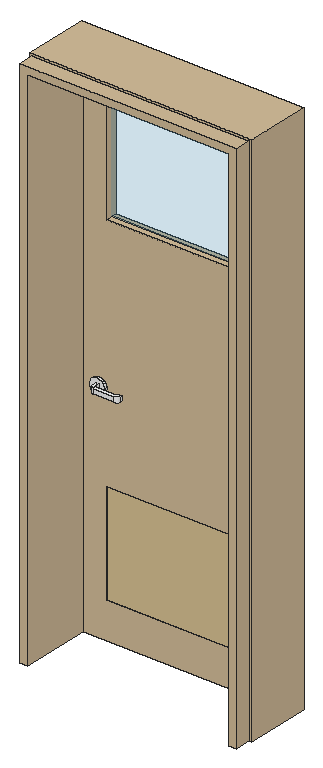
Revit family "Dor_木製-片開き戸", category ドア, Revit 2020
Family settings
  ホスト = 壁
  常に垂直 = はい
  ロード時にボイドで切り取り = はい
  共有 = いいえ
  部屋計算ポイント = いいえ
Parameters (values of type "木製-片開き戸")
  開口逃げ位置表示 [instance] = no
  金物_施錠方式(外) = ""
  金物_施錠方式(内) = ""
  金物_支持金物 = ""
  金物_操作金物 = ""
  金物_戸当り = ""
  金物_固定金物 = ""
  金物_フランス落し = ""
  金物_クローザー = ""
  逃げ_左 = 60 mm
  逃げ_右 = 60 mm
  解析用性能 = "<なし>"
  符号_建具記号 = ""
  符号_建具番号 = ""
  法_随時閉鎖 = yes
  法_防火性能 = ""
  法_遮煙 = yes
  法_常時閉鎖 = yes
  文字_ガラス厚 = ""
  建枠下延長 [instance] = 0 mm
  次による断熱プロパティの定義 = スキーマティック タイプ
  枠見付内_F01 = 30 mm
  ラベル_遮煙 = if(法_遮煙, "S", " ")  # "S"
  ラベル_法囲み = if(法_常時閉鎖, "□", if(法_随時閉鎖, "〇", " "))  # "□"
  ドアパネルタイプ = DP_腰窓+ガラリ : 腰窓+ガラリ
  スリット/小窓位置：戸先 [instance] = yes
  ガラス厚 = 6 mm
  オフセット_外側 [instance] = 50 mm
  オフセット_内側 [instance] = 50 mm
  calc_枠見込内 [instance] = if(and(枠ちり内 = 0 mm, オフセット_内側 = 0 mm), 1 mm, 0 mm)  # 0 mm
  calc_枠見付内 = if(枠タイプ = 1, 枠見付内_F01, if(枠タイプ = 2, 枠見付 + 戸当見付, if(枠タイプ = 3, 枠見付 + 戸当見付, 枠見付)))  # 30 mm
  文字_額縁材質 = ""
  文字_額縁仕上 = ""
  文字_沓摺材質 = ""
  文字_沓摺仕上 = ""
  文字_枠材質 = ""
  文字_枠仕上 = ""
  文字_建具材質 = ""
  文字_建具仕上 = ""
  文字_取付場所 = ""
  文字_備考 = ""
  文字_パネル厚 = ""
  文字_ガラリ材質 = ""
  文字_ガラリ仕上 = ""
  文字_ガラス材質 = ""
  文字_アンダーカット = ""
  性能_遮音 = ""
  性能_気密 = ""
  形状_沓摺形状 = ""
  形状_枠形状 = ""
  形状_建具形式 = ""
  形状_ガラリ形状 = ""
  仕上げ厚 [instance] = 0 mm
  calc_壁芯ずれ [instance] = オフセット_外側 / 2 + オフセット_内側 / 2 + LOCK  # 50 mm
  calc_仕上げ厚 [instance] = if(and(オフセット_内側 = 0 mm, 仕上げ厚 = 0 mm), 11 mm, 仕上げ厚)  # 0 mm
  マテリアル_沓摺 = none
  マテリアル_枠 = 木目 - ナチュラル
  マテリアル_パネル = 木目 - ナチュラル
  マテリアル_ガラリ = TD_ガラリ_簡易表示(木製)
  マテリアル_ガラス = ガラス、透明ガラス
  パネル幅2 = 0 mm  # constant formula
  パネル幅1 = 幅 + 戸当見付 * 2  # 830 mm
  calc_パネル中心位置 = パネル厚 / 2 + LOCK  # 22.5 mm
  ハンドル表示 [instance] = yes
  Keynote = ""
  W寸法 = 800 mm
  LOCK = 0 mm  # constant formula
  H寸法 = 2100 mm
  F02_片ひばた2 = 枠タイプ = 2  # no
  Function = (empty or 0)
  Description = ""
  枠タイプ = 1
  Rough Width = 0 mm
  高さ = H寸法 + LOCK  # 2100 mm
  枠見付 = 25 mm
  枠ちり外 = 10 mm
  枠ちり内 = 10 mm
  ハンドル_高さ = 900 mm
  ハンドル_オフセット = 80 mm
  戸当見込 = 50 mm
  戸当見付 = 15 mm
  Construction Type = ""
  Wall Closure = (empty or 0)
  幅 = W寸法 + LOCK  # 800 mm
  Rough Height = 0 mm
  パネル高 = 高さ + 戸当見付 - アンダーカット  # 2110 mm
  パネル幅 = パネル幅1 + LOCK  # 830 mm
  パネル厚 = 45 mm
  アンダーカット = 5 mm
  F01_片ひばた1 = 枠タイプ = 1  # yes
  F03_両ひばた = 枠タイプ = 3  # no
Reference planes
  plane 1: y = 0
  plane 2 "中心(左/右)": x = 0
  plane 3 "EXT.": y = 100
  plane 4 "内壁": y = -100
  plane 5 "左": x = -400
  plane 6 "右": x = 400
  plane 7 "上側": z = 2100
  plane 8: z = 0
  plane 9 "枠ちり外": y = 160
  plane 10 "左扉位置": x = -415
  plane 11 "枠外側左": x = -440
  plane 12 "枠内側左": x = -430
  plane 13 "仕上げ厚": y = -100
  plane 14 "右扉位置": x = 415
  plane 15 "枠外側右": x = 440
  plane 16 "枠内側右": x = 430
  plane 17: z = 2115
  plane 18 "枠見付_上": z = 2140
  plane 19 "枠見付内_上": z = 2130
  plane 20 "戸当り外側": y = 115
  plane 21 "戸当り内側": y = 65
  plane 22: x = -430
  plane 23: x = 430
  plane 24: z = 5
  plane 25 "オフセット": y = -150
  plane 26 "枠ちり内": y = -160
  plane 27 "パネル中心": y = 137.5
  plane 28: y = 90
  plane 29: y = -140
  plane 30: z = 2130
  plane 31: y = 90
  plane 32 "パネル厚中心": y = 137.5
  plane 33 "壁芯": y = -50
  plane 34: z = 900
  plane 35: x = -335
  plane 36 "建枠下延長": z = 0
  plane 37 "枠見込み内": y = -100
  plane 38 "オフセット_外側": y = 150
  plane 39 "マスク位置": z = 500
  plane 40: y = 155
Forms (mm)
  Extrusion 1, void
    sketch origin (0, 0, 0) x (1, 0, 0) y (0, 1, 0)
      loop
        line (-430, -150) -> (430, -150) -> (430, -100) -> (-430, -100) -> (-430, -150)
    from 0 to 2130
  Extrusion 2, void
    sketch origin (0, 0, 0) x (1, 0, 0) y (0, 1, 0)
      loop
        line (-440, 150) -> (-440, -100) -> (440, -100) -> (440, 150) -> (-440, 150)
    from 0 to 2140
  Sweep 3, solid, material "木目 - ナチュラル" <- "マテリアル_枠", visible <- "F01_片ひばた1", detail levels medium+fine
    path origin (0, 100, 0) x (1, 0, 0) y (0, 0, 1)
      loop
        line (400, 0) -> (400, 2100) -> (-400, 2100) -> (-400, 0)
    profile origin (400, 100, 1050) x (-1, 0, 0) y (0, -1, 0)
      loop
        line (-40, -60) -> (-15, -60) -> (-15, -15) -> (0, -15) -> (0, 260) -> (-30, 260) -> (-30, 200) -> (-40, 200) -> (-40, -60)
  Sweep 4, solid, material "木目 - ナチュラル" <- "マテリアル_枠", visible <- "F02_片ひばた2"
    path origin (0, 100, 0) x (1, 0, 0) y (0, 0, 1)
      loop
        line (400, 0) -> (400, 2100) -> (-400, 2100) -> (-400, 0)
    profile origin (400, 100, 1050) x (-1, 0, 0) y (0, -1, 0)
      loop
        line (-40, -60) -> (-15, -60) -> (-15, -15) -> (0, -15) -> (0, 260) -> (-40, 260) -> (-40, -60)
  Sweep 5, solid, material "木目 - ナチュラル" <- "マテリアル_枠", visible <- "F03_両ひばた"
    path origin (0, 100, 0) x (1, 0, 0) y (0, 0, 1)
      loop
        line (400, 0) -> (400, 2100) -> (-400, 2100) -> (-400, 0)
    profile origin (400, 100, 1050) x (-1, 0, 0) y (0, -1, 0)
      loop
        line (-40, -60) -> (-15, -60) -> (-15, -15) -> (0, -15) -> (0, 35) -> (-15, 35) -> (-15, 260) -> (-40, 260) -> (-40, -60)
Lines and regions (mm)
  Masking region 1
    outline origin (0, 0, 0) x (0, 1, 0) y (0, 0, 1)
      loop
        line (160, 2115) -> (115, 2115) -> (115, 5) -> (160, 5) -> (160, 2115)
  Masking region 2, visible <- "F02_片ひばた2"
    outline origin (0, 0, 0) x (0, 1, 0) y (0, 0, 1)
      loop
        line (90, 2130) -> (-140, 2130) -> (-160, 2130) -> (-160, 2100) -> (115, 2100) -> (115, 2115) -> (160, 2115) -> (160, 2130) -> (90, 2130)
  Masking region 3, visible <- "F01_片ひばた1"
    outline origin (0, 0, 0) x (0, 1, 0) y (0, 0, 1)
      loop
        line (90, 2140) -> (-100, 2140) -> (-100, 2130) -> (-140, 2130) -> (-160, 2130) -> (-160, 2100) -> (115, 2100) -> (115, 2115) -> (160, 2115) -> (160, 2140) -> (90, 2140)
  Masking region 4, visible <- "F03_両ひばた"
    outline origin (0, 0, 0) x (0, 1, 0) y (0, 0, 1)
      loop
        line (90, 2130) -> (-140, 2130) -> (-160, 2130) -> (-160, 2115) -> (65, 2115) -> (65, 2100) -> (115, 2100) -> (115, 2115) -> (160, 2115) -> (160, 2130) -> (90, 2130)
  Masking region 5, visible <- "F01_片ひばた1", detail levels medium+fine
    outline origin (0, 0, 0) x (1, 0, 0) y (0, 1, 0)
      loop
        line (-440, -100) -> (-430, -100) -> (-430, -160) -> (-400, -160) -> (-400, 115) -> (-415, 115) -> (-415, 160) -> (-440, 160) -> (-440, -100)
      loop
        line (440, -100) -> (440, 160) -> (415, 160) -> (415, 115) -> (400, 115) -> (400, -160) -> (430, -160) -> (430, -100) -> (440, -100)
  Masking region 6, visible <- "F02_片ひばた2", detail levels medium+fine
    outline origin (0, 0, 0) x (1, 0, 0) y (0, 1, 0)
      loop
        line (-430, 160) -> (-430, -160) -> (-400, -160) -> (-400, 115) -> (-415, 115) -> (-415, 160) -> (-430, 160)
      loop
        line (440, 160) -> (415, 160) -> (415, 115) -> (400, 115) -> (400, -160) -> (440, -160) -> (440, 160)
  Masking region 7, detail levels coarse
    outline origin (0, 0, 0) x (1, 0, 0) y (0, 1, 0)
      loop
        line (-400, -155) -> (400, -155) -> (400, -150) -> (400, 150) -> (400, 155) -> (-400, 155) -> (-400, 150) -> (-400, -150) -> (-400, -155)
  Masking region 8, detail levels coarse
    outline origin (0, 0, 0) x (1, 0, 0) y (0, 1, 0)
      loop
        line (-445, 150) -> (-445, -150) -> (-400, -150) -> (-400, 150) -> (-445, 150)
      loop
        line (445, 150) -> (400, 150) -> (400, -150) -> (445, -150) -> (445, 150)
  Masking region 9, visible <- "F03_両ひばた", detail levels medium+fine
    outline origin (0, 0, 0) x (1, 0, 0) y (0, 1, 0)
      loop
        line (-440, 160) -> (-440, -160) -> (-415, -160) -> (-415, 65) -> (-400, 65) -> (-400, 115) -> (-415, 115) -> (-415, 160) -> (-440, 160)
      loop
        line (440, 160) -> (415, 160) -> (415, 115) -> (400, 115) -> (400, 65) -> (415, 65) -> (415, -160) -> (440, -160) -> (440, 160)
  symbolic lines
    curve 1: line (0, 210, 0) -> (0, -210, 0)
Text (mm)
  text "EXT." at (-2295.016, 1099.543, 0), in view "基準レベル"
  text "外部" at (0, 1615.38, 3698.081), in view "左"
  text "外部" at (0, 1036.032, 3874.932), in view "右"
  text "内部" at (0, -1175.082, 3874.932), in view "右"
  text "内部" at (-2295.016, -1087.353, 0), in view "基準レベル"
Dimensions and locks
  equal spacing: plane 5 "左", plane 2 "中心(左/右)", plane 6 "右"
  locked: plane 3 "EXT." to host wall
  locked: plane 4 "内壁" to host wall
  "W寸法": plane 5 "左" to plane 6 "右"
  "H寸法": plane 8 to plane 7 "上側"
  "戸当見付": plane 10 "左扉位置" to plane 5 "左"
  "calc_枠見付内": plane 12 "枠内側左" to plane 5 "左"
  "枠見付": plane 11 "枠外側左" to plane 10 "左扉位置"
  "calc_仕上げ厚": plane 13 "仕上げ厚" to plane 4 "内壁"
  "枠見付": plane 15 "枠外側右" to plane 14 "右扉位置"
  "戸当見付": plane 7 "上側" to plane 17
  "枠見付": plane 17 to plane 18 "枠見付_上"
  "calc_枠見付内": plane 7 "上側" to plane 19 "枠見付内_上"
  "パネル厚": plane 9 "枠ちり外" to plane 20 "戸当り外側"
  "戸当見込": plane 20 "戸当り外側" to plane 21 "戸当り内側"
  "戸当見付": plane 6 "右" to plane 14 "右扉位置"
  "calc_枠見付内": plane 6 "右" to plane 16 "枠内側右"
  "枠見付内_F01": plane 22 to plane 5 "左"
  "枠見付内_F01": plane 6 "右" to plane 23
  "枠ちり内": plane 25 "オフセット" to plane 26 "枠ちり内"
  "オフセット_内側": plane 25 "オフセット" to plane 4 "内壁"
  "アンダーカット": plane 24 to plane 8
  locked: plane 3 "EXT." to Masking region 2 sketch curve at 10
  locked: Masking region 2 sketch curve to plane 25 "オフセット" at 10
  equal spacing: plane 9 "枠ちり外", plane 27 "パネル中心", plane 20 "戸当り外側"
  locked: plane 3 "EXT." to plane 28 at 10
  locked: plane 29 to plane 25 "オフセット" at 10
  "枠見付内_F01": plane 7 "上側" to plane 30
  locked: curve 1 to plane 9 "枠ちり外" at 50
  locked: plane 26 "枠ちり内" to curve 1 at 50
  plane 4 "内壁" to plane 3 "EXT." = 200 mm
  locked: plane 31 to plane 3 "EXT." at 10
  "calc_パネル中心位置": plane 9 "枠ちり外" to plane 32 "パネル厚中心"
  "calc_壁芯ずれ": plane 33 "壁芯" to plane 1
  "ハンドル_高さ": plane 34 to level
  "ハンドル_オフセット": plane 35 to plane 10 "左扉位置"
  "建枠下延長": plane 8 to plane 36 "建枠下延長"
  locked: plane 15 "枠外側右" to Masking region 8 sketch curve at 5
  locked: Masking region 8 sketch curve to plane 11 "枠外側左" at 5
  "calc_枠見込内": plane 37 "枠見込み内" to plane 13 "仕上げ厚"
  "枠ちり外": plane 9 "枠ちり外" to plane 38 "オフセット_外側"
  "オフセット_外側": plane 3 "EXT." to plane 38 "オフセット_外側"
  locked: level to plane 39 "マスク位置" at 500
  locked: plane 40 to plane 38 "オフセット_外側" at 5
  aligned and locked: plane 1 to host wall
  aligned and locked: level to plane 8
  aligned and locked: plane 13 "仕上げ厚" to Extrusion 1 sketch curve
  aligned and locked: plane 11 "枠外側左" to Extrusion 2 sketch curve
  aligned and locked: plane 13 "仕上げ厚" to Extrusion 2 sketch curve
  aligned and locked: plane 15 "枠外側右" to Extrusion 2 sketch curve
  aligned and locked: plane 18 "枠見付_上" to Extrusion 2
  aligned and locked: plane 7 "上側" to Sweep 3 sketch curve
  aligned and locked: plane 6 "右" to Sweep 3 sketch curve  (x2)
  aligned and locked: Sweep 3 sketch curve to plane 5 "左"
  aligned and locked: Sweep 3 sketch curve to plane 13 "仕上げ厚"
  aligned and locked: plane 9 "枠ちり外" to Sweep 3 sketch curve
  aligned and locked: plane 20 "戸当り外側" to Sweep 3 sketch curve
  aligned and locked: plane 14 "右扉位置" to Sweep 3 sketch curve
  aligned and locked: Sweep 3 sketch curve to plane 15 "枠外側右"
  aligned and locked: plane 15 "枠外側右" to Sweep 4 sketch curve
  aligned and locked: plane 14 "右扉位置" to Sweep 5 sketch curve  (x2)
  aligned and locked: Sweep 5 sketch curve to plane 21 "戸当り内側"
  aligned and locked: plane 23 to Sweep 3 sketch curve
  aligned and locked: Sweep 3 sketch curve to plane 26 "枠ちり内"
  aligned and locked: Sweep 4 sketch curve to plane 26 "枠ちり内"
  aligned and locked: plane 20 "戸当り外側" to Sweep 4 sketch curve
  aligned and locked: Sweep 5 sketch curve to plane 26 "枠ちり内"
  aligned and locked: Extrusion 1 to plane 25 "オフセット"
  aligned and locked: plane 19 "枠見付内_上" to Extrusion 1
  aligned and locked: Sweep 4 to Masking region 1 sketch curve
  aligned and locked: plane 9 "枠ちり外" to Masking region 2 sketch curve
  aligned and locked: plane 19 "枠見付内_上" to Masking region 2 sketch curve  (x3)
  aligned and locked: Masking region 2 sketch curve to plane 26 "枠ちり内"
  aligned and locked: plane 7 "上側" to Masking region 2 sketch curve
  aligned and locked: plane 20 "戸当り外側" to Masking region 2 sketch curve
  aligned and locked: Masking region 2 sketch curve to plane 17
  aligned and locked: plane 20 "戸当り外側" to Masking region 3 sketch curve
  aligned and locked: Masking region 3 sketch curve to plane 26 "枠ちり内"
  aligned and locked: plane 7 "上側" to Masking region 3 sketch curve
  aligned and locked: Masking region 3 sketch curve to plane 17
  aligned and locked: plane 18 "枠見付_上" to Masking region 3 sketch curve  (x2)
  aligned and locked: Masking region 3 sketch curve to plane 30  (x2)
  aligned and locked: plane 30 to Masking region 3 sketch curve
  aligned and locked: plane 19 "枠見付内_上" to Masking region 4 sketch curve  (x3)
  aligned and locked: Masking region 4 sketch curve to plane 26 "枠ちり内"
  aligned and locked: plane 9 "枠ちり外" to Masking region 4 sketch curve
  aligned and locked: Masking region 4 sketch curve to plane 17  (x2)
  aligned and locked: plane 7 "上側" to Masking region 4 sketch curve
  aligned and locked: plane 20 "戸当り外側" to Masking region 4 sketch curve
  aligned and locked: Masking region 4 sketch curve to plane 21 "戸当り内側"
  aligned and locked: plane 2 "中心(左/右)" to nested 1
  aligned and locked: Masking region 5 sketch curve to plane 9 "枠ちり外"
  aligned and locked: Masking region 5 sketch curve to plane 20 "戸当り外側"
  aligned and locked: plane 26 "枠ちり内" to Masking region 5 sketch curve
  aligned and locked: plane 11 "枠外側左" to Masking region 5 sketch curve
  aligned and locked: plane 5 "左" to Masking region 5 sketch curve
  aligned and locked: Masking region 5 sketch curve to nested 1
  aligned and locked: plane 6 "右" to Masking region 5 sketch curve
  aligned and locked: Masking region 5 sketch curve to plane 15 "枠外側右"
  aligned and locked: plane 14 "右扉位置" to Masking region 5 sketch curve
  aligned and locked: Masking region 5 sketch curve to plane 22
  aligned and locked: plane 23 to Masking region 5 sketch curve
  aligned and locked: plane 12 "枠内側左" to Masking region 6 sketch curve
  aligned and locked: plane 5 "左" to Masking region 7 sketch curve
  aligned and locked: Masking region 7 sketch curve to plane 6 "右"
  aligned and locked: Masking region 7 to Masking region 8 sketch curve
  aligned and locked: plane 6 "右" to Masking region 8 sketch curve
  aligned and locked: plane 25 "オフセット" to Masking region 8 sketch curve
  aligned and locked: Masking region 8 sketch curve to plane 25 "オフセット"
  aligned and locked: plane 25 "オフセット" to Masking region 7 sketch curve  (x2)
  aligned and locked: nested 1 to Masking region 9 sketch curve
  aligned and locked: plane 14 "右扉位置" to Masking region 9 sketch curve
  aligned and locked: plane 21 "戸当り内側" to Masking region 9 sketch curve  (x2)
  aligned and locked: Masking region 9 sketch curve to plane 21 "戸当り内側"  (x2)
  aligned and locked: plane 20 "戸当り外側" to Sweep 5 sketch curve
  aligned and locked: plane 9 "枠ちり外" to Sweep 5 sketch curve
  aligned and locked: plane 9 "枠ちり外" to Sweep 4 sketch curve
  aligned and locked: nested 2 to plane 33 "壁芯"
  aligned and locked: plane 2 "中心(左/右)" to nested 2
  aligned and locked: plane 2 "中心(左/右)" to nested 3
  aligned and locked: plane 32 "パネル厚中心" to nested 3
  aligned and locked: plane 27 "パネル中心" to nested 1
  aligned and locked: plane 2 "中心(左/右)" to nested 4
  aligned and locked: nested 4 to plane 8
  aligned and locked: plane 34 to nested 5
  aligned and locked: nested 5 to plane 35
  aligned and locked: nested 5 to plane 27 "パネル中心"
  aligned and locked: plane 36 "建枠下延長" to Sweep 4 sketch curve  (x2)
  aligned and locked: plane 36 "建枠下延長" to Sweep 3 sketch curve  (x2)
  aligned and locked: plane 36 "建枠下延長" to Sweep 5 sketch curve  (x2)
  aligned and locked: plane 9 "枠ちり外" to Masking region 6 sketch curve  (x2)
  aligned and locked: plane 9 "枠ちり外" to Masking region 9 sketch curve  (x2)
  aligned and locked: Extrusion 1 sketch curve to plane 12 "枠内側左"
  aligned and locked: Extrusion 1 sketch curve to plane 16 "枠内側右"
  aligned and locked: plane 37 "枠見込み内" to Masking region 5 sketch curve
  aligned and locked: Masking region 5 sketch curve to plane 37 "枠見込み内"
  aligned and locked: Extrusion 2 sketch curve to plane 38 "オフセット_外側"
  aligned and locked: Masking region 8 sketch curve to plane 38 "オフセット_外側"
  aligned and locked: plane 38 "オフセット_外側" to Masking region 8 sketch curve
  aligned and locked: plane 40 to Masking region 7 sketch curve
  aligned and locked: plane 38 "オフセット_外側" to Masking region 7 sketch curve  (x2)
  aligned and locked: plane 38 "オフセット_外側" to nested 1
Automatic sketch dimensions
  plane 5 "左" to Sweep 4 sketch curve = 0 mm
  plane 6 "右" to Sweep 4 sketch curve = 0 mm
  Sweep 4 sketch curve to plane 7 "上側" = 0 mm
  Sweep 4 sketch curve to profile plane = 0 mm
  profile plane to Sweep 4 sketch curve = 15 mm
  plane 5 "左" to Sweep 5 sketch curve = 0 mm
  plane 6 "右" to Sweep 5 sketch curve = 0 mm
  Sweep 5 sketch curve to plane 7 "上側" = 0 mm
  Sweep 5 sketch curve to profile plane = 0 mm
  profile plane to Sweep 5 sketch curve = 15 mm
  Sweep 5 sketch curve to Sweep 5 sketch curve = 25 mm
  Masking region 3 sketch curve to plane 29 = 0 mm
  Masking region 3 sketch curve to plane 13 "仕上げ厚" = 0 mm
  Masking region 3 sketch curve to plane 28 = 0 mm
  Masking region 3 sketch curve to plane 9 "枠ちり外" = 0 mm
  Masking region 4 sketch curve to plane 29 = 0 mm
  Masking region 4 sketch curve to plane 28 = 0 mm
  Masking region 6 sketch curve to plane 10 "左扉位置" = 0 mm
  Masking region 6 sketch curve to plane 5 "左" = 0 mm
  Masking region 6 sketch curve to plane 6 "右" = 0 mm
  Masking region 6 sketch curve to plane 14 "右扉位置" = 0 mm
  Masking region 6 sketch curve to plane 15 "枠外側右" = 0 mm
  Masking region 6 sketch curve to plane 26 "枠ちり内" = 0 mm  (x2)
  Masking region 6 sketch curve to plane 20 "戸当り外側" = 0 mm  (x2)
  Masking region 9 sketch curve to plane 10 "左扉位置" = 0 mm
  Masking region 9 sketch curve to plane 5 "左" = 0 mm
  Masking region 9 sketch curve to plane 6 "右" = 0 mm
  Masking region 9 sketch curve to plane 14 "右扉位置" = 0 mm
  Masking region 9 sketch curve to plane 26 "枠ちり内" = 0 mm  (x2)
  Masking region 9 sketch curve to plane 20 "戸当り外側" = 0 mm  (x2)
  curve 1 to plane 2 "中心(左/右)" = 0 mm
  Masking region 1 sketch curve to plane 17 = 0 mm
  Masking region 1 sketch curve to plane 20 "戸当り外側" = 0 mm
  Masking region 1 sketch curve to plane 24 = 0 mm
  Masking region 7 sketch curve to plane 25 "オフセット" = 5 mm
  Masking region 9 sketch curve to plane 11 "枠外側左" = 0 mm
  Masking region 9 sketch curve to plane 15 "枠外側右" = 0 mm
  Masking region 5 sketch curve to plane 26 "枠ちり内" = 0 mm
  Masking region 5 sketch curve to plane 20 "戸当り外側" = 0 mm
  Masking region 5 sketch curve to plane 9 "枠ちり外" = 0 mm
  Extrusion 1 sketch curve to plane 25 "オフセット" = 0 mm
Nested families
  nested 1: "平面_片開き戸" at (0, 160, 0), type "平面_片開き戸"
  nested 2: "平面_逃げ位置" at (0, -50, 0), visible <- "開口逃げ位置表示", 幅 <- "幅", 逃げ_右 <- "逃げ_右", 逃げ_左 <- "逃げ_左", type "平面_逃げ位置"
    with 逃げ_左 60 mm, 逃げ_右 60 mm, 幅 800 mm
  nested 3: "DP_腰窓+ガラリ" at (0, 137.5, 0) x (-1, 0, 0) z (0, 0, 1), マテリアル_パネル <- "マテリアル_パネル", 幅 <- "パネル幅1", 高さ <- "パネル高", Thickness <- "パネル厚", type <- "ドアパネルタイプ", アンダーカット <- "アンダーカット", マテリアル_ガラス <- "マテリアル_ガラス", マテリアル_ガラリ <- "マテリアル_ガラリ", スリット/小窓位置：戸先 <- "スリット/小窓位置：戸先", ガラス厚 <- "ガラス厚", type "腰窓+ガラリ"
    with 高さ 2110 mm, 幅 830 mm, built-in parameter 1001302 45 mm, マテリアル_パネル 木目 - ナチュラル, マテリアル_ガラリ TD_ガラリ_簡易表示(木製), マテリアル_ガラス ガラス、透明ガラス, スリット/小窓位置：戸先 yes, ガラス厚 6 mm, アンダーカット 5 mm, calc_窓W 610 mm, calc_窓H 415 mm
  nested 4: "立面_スイング_開き戸" at (0, -100, 0) x (1, 0, 0) z (0, -1, 0), パネル幅 <- "パネル幅1", パネル高 <- "パネル高", アンダーカット <- "アンダーカット", type "立面_スイング_開き戸"
    with パネル高 2110 mm, パネル幅 830 mm, アンダーカット 5 mm
  nested 5: "Ha_ハンドル" at (-335, 137.5, 900), visible <- "ハンドル表示", type "Ha_ハンドル"
    with パネル厚 45 mm
Definition of nested family "DP_腰窓+ガラリ"
  Parameters (values of type "腰窓+ガラリ")
    Height [instance] = 1995 mm
    Analytic Construction = "<なし>"
    窓位置_戸先 = 110 mm
    窓位置_戸尻 = 110 mm
    Define Thermal Properties by = 1
    Thickness [instance] = 40 mm
    窓腰高 = 1500 mm
    マテリアル_パネル [instance] = none
    マテリアル_ガラリ [instance] = none
    マテリアル_ガラス [instance] = none
    スリット/小窓位置：戸先 [instance] = yes
    ガラリ位置_下 = 150 mm
    窓位置_上 = 200 mm
    Width [instance] = 800 mm
    ガラリH = 400 mm
    ガラス厚 [instance] = 6 mm
    アンダーカット [instance] = 5 mm
    calc_窓W [instance] = Width - 窓位置_戸先 - 窓位置_戸尻  # 580 mm
    calc_窓H [instance] = (Height + アンダーカット) - 窓腰高 - 窓位置_上  # 300 mm
  Reference planes
    plane 1 "中心(正面/背面)": y = 0
    plane 2 "下": z = 0
    plane 3 "中心(左/右)": x = 0
    plane 4 "右": x = 400
    plane 5 "左": x = -400
    plane 6 "前面": y = 20
    plane 7 "背面": y = -20
    plane 8 "上": z = 2000
    plane 9 "框左": x = -290
    plane 10 "框右": x = 290
    plane 11 "ガラス下": z = 1500
    plane 12 "框上": z = 1800
    plane 13 "ガラリ上": z = 550
    plane 14 "框下": z = 150
    plane 15 "窓中央": x = 0
    plane 16: z = 5
  Forms (mm)
    Extrusion 1, solid, material <- "マテリアル_パネル"
      sketch origin (0, 0, 0) x (1, 0, 0) y (0, 0, 1)
        loop
          line (-400, 2000) -> (-400, 5) -> (400, 5) -> (400, 2000) -> (-400, 2000)
        loop
          line (-290, 1800) -> (-290, 1500) -> (290, 1500) -> (290, 1800) -> (-290, 1800)
        loop
          line (-290, 550) -> (-290, 150) -> (290, 150) -> (290, 550) -> (-290, 550)
      from -20 to 20
    Extrusion 2, solid, material <- "マテリアル_ガラリ"
      sketch origin (0, 0, 0) x (1, 0, 0) y (0, 0, 1)
        loop
          line (-290, 550) -> (-290, 150) -> (290, 150) -> (290, 550) -> (-290, 550)
      from -20 to 20
  Dimensions and locks
    equal spacing: plane 5 "左", plane 3 "中心(左/右)", plane 4 "右"
    "Width": plane 5 "左" to plane 4 "右"
    equal spacing: plane 6 "前面", plane 1 "中心(正面/背面)", plane 7 "背面"
    "Thickness": plane 6 "前面" to plane 7 "背面"
    "窓位置_上": plane 8 "上" to plane 12 "框上"
    "窓腰高": plane 11 "ガラス下" to level
    "窓位置_戸先": plane 4 "右" to plane 10 "框右"
    "窓位置_戸尻": plane 9 "框左" to plane 5 "左"
    "ガラリ位置_下": plane 14 "框下" to level
    "ガラリH": plane 13 "ガラリ上" to plane 14 "框下"
    equal spacing: plane 9 "框左", plane 15 "窓中央", plane 10 "框右"
    "アンダーカット": plane 16 to plane 2 "下"
    "Height": plane 8 "上" to plane 16
    aligned and locked: level to plane 2 "下"
    aligned and locked: Extrusion 1 sketch curve to plane 8 "上"
    aligned and locked: plane 5 "左" to Extrusion 1 sketch curve
    aligned and locked: Extrusion 1 sketch curve to plane 4 "右"
    aligned and locked: plane 6 "前面" to Extrusion 1
    aligned and locked: Extrusion 1 to plane 7 "背面"
    aligned and locked: Extrusion 1 sketch curve to plane 12 "框上"
    aligned and locked: plane 9 "框左" to Extrusion 1 sketch curve  (x2)
    aligned and locked: plane 11 "ガラス下" to Extrusion 1 sketch curve
    aligned and locked: plane 10 "框右" to Extrusion 1 sketch curve  (x2)
    aligned and locked: Extrusion 1 sketch curve to plane 13 "ガラリ上"
    aligned and locked: plane 14 "框下" to Extrusion 1 sketch curve
    aligned and locked: Extrusion 2 sketch curve to Extrusion 1  (x4)
    aligned and locked: plane 6 "前面" to Extrusion 2
    aligned and locked: Extrusion 2 to plane 7 "背面"
    aligned and locked: plane 15 "窓中央" to nested 1
    aligned and locked: nested 1 to plane 1 "中心(正面/背面)"
    aligned and locked: plane 16 to Extrusion 1 sketch curve
  Nested families
    nested 1: "DPw_ガラス" at (0, 15, 1500), built-in parameter 1001364 <- "窓腰高", Height <- "calc_窓H", Width <- "calc_窓W", Thickness <- "ガラス厚", マテリアル_ガラス <- "マテリアル_ガラス", type "ガラス"
      with Height 300 mm, Width 580 mm, Thickness 6 mm, マテリアル_ガラス none
  Definition of nested family "DPw_ガラス"
    Parameters (values of type "DPw_ガラス")
      Define Thermal Properties by = 1
      Visual Light Transmittance = 0.9
      Solar Heat Gain Coefficient = 0.78
      Height [instance] = 1000 mm
      Heat Transfer Coefficient (U) = 3.6886 W/(m²·K)
      Width [instance] = 800 mm
      Analytic Construction = "1/8 インチ ピルキントン一重ガラス"
      Thickness [instance] = 6 mm
      マテリアル_ガラス [instance] = none
    Reference planes
      plane 1 "中心(正面/背面)": y = -15
      plane 2 "下": z = 0
      plane 3 "中心(左/右)": x = 0
      plane 4 "左": x = -400
      plane 5 "右": x = 400
      plane 6 "上": z = 1000
      plane 7: y = -12
      plane 8: y = -18
      plane 9: z = 500
    Forms (mm)
      Extrusion 1, solid, material <- "マテリアル_ガラス"
        sketch origin (0, -15, 0) x (1, 0, 0) y (0, 0, 1)
          loop
            line (-400, 0) -> (400, 0) -> (400, 1000) -> (-400, 1000) -> (-400, 0)
        from -3 to 3
    Lines and regions (mm)
      symbolic lines, detail levels medium+fine
        curve 1: line (400, -15, 0) -> (-400, -15, 0)
      symbolic lines, detail levels fine
        curve 2: line (0, -15, 1000) -> (0, -15, 0)
    Dimensions and locks
      equal spacing: plane 4 "左", plane 3 "中心(左/右)", plane 5 "右"
      "Width": plane 4 "左" to plane 5 "右"
      "Height": plane 6 "上" to plane 2 "下"
      equal spacing: plane 6 "上", plane 9, plane 2 "下"
      "Thickness": plane 8 to plane 7
      equal spacing: plane 8, plane 1 "中心(正面/背面)", plane 7
      plane 2 "下" to level = 0 mm
      aligned and locked: plane 5 "右" to Extrusion 1
      aligned and locked: Extrusion 1 to plane 4 "左"
      aligned and locked: Extrusion 1 to plane 7
      aligned and locked: plane 8 to Extrusion 1
      aligned and locked: curve 1 to plane 1 "中心(正面/背面)"
      aligned and locked: plane 4 "左" to curve 1
      aligned and locked: Extrusion 1 to curve 1
      aligned and locked: plane 6 "上" to Extrusion 1
      aligned and locked: plane 2 "下" to curve 2
      aligned and locked: plane 6 "上" to curve 2
      aligned and locked: Extrusion 1 to plane 2 "下"
    Automatic sketch dimensions
      Extrusion 1 sketch curve to plane 4 "左" = 0 mm
      Extrusion 1 sketch curve to plane 5 "右" = 0 mm
      level to Extrusion 1 sketch curve = 0 mm
      Extrusion 1 sketch curve to plane 6 "上" = 0 mm
      curve 2 to plane 1 "中心(正面/背面)" = 0 mm
Definition of nested family "Ha_ハンドル"
  Parameters (values of type "Ha_ハンドル")
    Analytic Construction = "<なし>"
    Define Thermal Properties by = 1
    ハンドル = none
    パネル厚 = 40 mm
    Keynote = "08730.A5"
    Function = (empty or 0)
  Reference planes
    plane 1 "中心(正面/背面)": y = 0
    plane 2: z = 0
    plane 3 "中心(左/右)": x = 0
    plane 4: y = 20
    plane 5: y = -20
    plane 6: x = 100
    plane 7: y = 30
    plane 8: y = 55
  Forms (mm)
    Extrusion 1, solid, material <- "ハンドル"
      sketch origin (0, 0, 0) x (1, 0, 0) y (0, 0, 1)
        loop
          circle (0, 0) r 30
      from 20 to 30
    Sweep 2, solid, material <- "ハンドル"
      path origin (0, 5, 0) x (1, 0, 0) y (0, 1, 0)
        loop
          line (0, -35) -> (0, -50)
          arc (0, -50) -> (2.929, -57.071) -> (10, -60) r 10
          line (10, -60) -> (90, -60)
          arc (90, -60) -> (97.071, -57.071) -> (100, -50) r 10
          line (100, -50) -> (100, -45)
      profile origin (0, -37.5, 0) x (1, 0, 0) y (0, 0, 1)
        loop
          line (-5, -10) -> (5, -10) -> (5, 10) -> (-5, 10) -> (-5, -10)
    Extrusion 3, solid, material <- "ハンドル"
      sketch origin (0, 0, 0) x (1, 0, 0) y (0, 0, -1)
        loop
          circle (0, 0) r 30
      from 20 to 30
    Sweep 4, solid, material <- "ハンドル"
      path origin (0, -5, 0) x (1, 0, 0) y (0, -1, 0)
        loop
          line (0, -35) -> (0, -50)
          arc (0, -50) -> (2.929, -57.071) -> (10, -60) r 10
          line (10, -60) -> (90, -60)
          arc (90, -60) -> (97.071, -57.071) -> (100, -50) r 10
          line (100, -50) -> (100, -45)
      profile origin (0, 37.5, 0) x (-1, 0, 0) y (0, 0, 1)
        loop
          line (5, -10) -> (5, 10) -> (-5, 10) -> (-5, -10) -> (5, -10)
  Dimensions and locks
    equal spacing: plane 5, plane 1 "中心(正面/背面)", plane 4
    "パネル厚": plane 5 to plane 4
    locked: Extrusion 1 to plane 5 at 10
    equal spacing: Sweep 2 sketch curve, plane 3 "中心(左/右)", Sweep 2 sketch curve
    equal spacing: Sweep 2 sketch curve, level, Sweep 2 sketch curve
    locked: plane 7 to plane 4 at 10
    locked: plane 8 to plane 4 at 35
    Sweep 4 sketch curve to Sweep 4 sketch curve = 10 mm
    Sweep 4 sketch curve to Sweep 4 sketch curve = 20 mm
    aligned and locked: Extrusion 1 to plane 5
    aligned and locked: Extrusion 1 to Sweep 2 sketch curve
    aligned and locked: plane 7 to Extrusion 3
    aligned and locked: plane 4 to Extrusion 3
  Automatic sketch dimensions
    Extrusion 1 sketch curve to level = 0 mm
    Extrusion 1 sketch curve to plane 3 "中心(左/右)" = 0 mm
    Sweep 2 sketch curve to plane 3 "中心(左/右)" = 0 mm
    Sweep 2 sketch curve to plane 6 = 0 mm
    plane 3 "中心(左/右)" to Sweep 2 sketch curve = 10 mm
    Sweep 2 sketch curve to plane 6 = 10 mm
    plane 5 to Sweep 2 sketch curve = 20 mm
    Sweep 2 sketch curve to Sweep 2 sketch curve = 5 mm
    profile plane to Sweep 2 sketch curve = 5 mm
    Sweep 2 sketch curve to level = 10 mm
    Extrusion 3 sketch curve to level = 0 mm
    Extrusion 3 sketch curve to plane 3 "中心(左/右)" = 0 mm
    Sweep 4 sketch curve to plane 3 "中心(左/右)" = 0 mm
    Sweep 4 sketch curve to plane 8 = 0 mm
    Sweep 4 sketch curve to plane 6 = 0 mm
    Sweep 4 sketch curve to plane 7 = 0 mm
    Sweep 4 sketch curve to plane 3 "中心(左/右)" = 10 mm
    plane 6 to Sweep 4 sketch curve = 10 mm
    Sweep 4 sketch curve to Sweep 4 sketch curve = 5 mm
    profile plane to Sweep 4 sketch curve = 5 mm
    Sweep 4 sketch curve to profile plane = 5 mm
    Sweep 4 sketch curve to level = 10 mm
    level to Sweep 4 sketch curve = 10 mm
    radius of Extrusion 1 sketch curve = 30 mm
    radius of Extrusion 3 sketch curve = 30 mm
Definition of nested family "平面_片開き戸"
  Parameters (values of type "平面_片開き戸")
    開口幅 = 800 mm
    枠ちり外 = 10 mm
    戸当見付 = 15 mm
    パネル幅 = 開口幅 + 戸当見付 * 2  # 830 mm
    パネル厚 = 45 mm
  Reference planes
    plane 1 "中心(正面/背面)": y = 0
    plane 2: z = 0
    plane 3 "中心(左/右)": x = 0
    plane 4: x = -400
    plane 5: x = 400
    plane 6: x = -415
    plane 7: x = 415
    plane 8: y = -45
    plane 9: y = 830
    plane 10: y = 790
    plane 11: y = -10
    plane 12 "パネル中心": y = -22.5
  Lines and regions (mm)
    Masking region 1, in view "基準レベル", detail levels medium+fine
      outline origin (0, 0, 0) x (1, 0, 0) y (0, 1, 0)
        loop
          line (-415, -45) -> (415, -45) -> (415, 0) -> (-415, 0) -> (-415, -45)
    detail lines, in view "基準レベル", detail levels medium+fine
      curve 1: line (415, 0, 0) -> (415, 830, 0)
      curve 2: arc (-415, 0, 0) -> (-171.899, 586.899, 0) -> (415, 830, 0) r 830
    detail lines, in view "基準レベル", detail levels coarse
      curve 3: line (400, -10, 0) -> (400, 790, 0)
      curve 4: arc (-400, -10, 0) -> (-165.685, 555.685, 0) -> (400, 790, 0) r 800
  Dimensions and locks
    equal spacing: plane 4, plane 3 "中心(左/右)", plane 5
    "開口幅": plane 4 to plane 5
    "戸当見付": plane 6 to plane 4
    "戸当見付": plane 5 to plane 7
    "パネル厚": plane 8 to plane 1 "中心(正面/背面)"
    "パネル幅": plane 1 "中心(正面/背面)" to plane 9
    "枠ちり外": plane 11 to plane 1 "中心(正面/背面)"
    "開口幅": plane 10 to plane 11
    equal spacing: plane 1 "中心(正面/背面)", plane 12 "パネル中心", plane 8
    "パネル幅": radius of curve 2
    "開口幅": radius of curve 4
    angle curve 2 to curve 2 = 90.00°
    aligned and locked: Masking region 1 sketch curve to plane 8
    aligned and locked: Masking region 1 sketch curve to plane 6
    aligned and locked: Masking region 1 sketch curve to plane 1 "中心(正面/背面)"
    aligned and locked: plane 7 to Masking region 1 sketch curve
    aligned and locked: plane 1 "中心(正面/背面)" to curve 1
    aligned and locked: Masking region 1 to curve 2
    aligned and locked: plane 9 to curve 2
    aligned and locked: plane 5 to curve 3
  Automatic sketch dimensions
    curve 2 to plane 6 = 0 mm
    curve 4 to plane 11 = 0 mm
    curve 3 to plane 11 = 0 mm
Definition of nested family "平面_逃げ位置"
  Parameters (values of type "平面_逃げ位置")
    逃げ_左 [instance] = 40 mm
    逃げ_右 [instance] = 40 mm
    幅 [instance] = 1000 mm
  Reference planes
    plane 1 "中心(正面/背面)": y = 0
    plane 2: z = 0
    plane 3 "中心(左/右)": x = 0
    plane 4: x = -500
    plane 5: x = 500
    plane 6: x = 540
    plane 7: x = -540
    plane 8: y = -30
    plane 9: y = 30
  Lines and regions (mm)
    detail lines, in view "基準レベル"
      curve 1: line (-540, 30, 0) -> (-540, -30, 0)
      curve 2: line (540, 30, 0) -> (540, -30, 0)
  Dimensions and locks
    equal spacing: plane 4, plane 3 "中心(左/右)", plane 5
    "幅": plane 4 to plane 5
    plane 9 to plane 8 = 60 mm
    equal spacing: plane 9, plane 1 "中心(正面/背面)", plane 8
    "逃げ_左": plane 7 to plane 4
    "逃げ_右": plane 5 to plane 6
    aligned and locked: curve 1 to plane 7
    aligned and locked: plane 6 to curve 2
    aligned and locked: plane 9 to curve 2
  Automatic sketch dimensions
    curve 1 to plane 8 = 0 mm
    curve 2 to plane 8 = 0 mm
    curve 1 to plane 9 = 0 mm
Definition of nested family "立面_スイング_開き戸"
  Parameters (values of type "立面_スイング_開き戸")
    パネル高 [instance] = 1800 mm
    パネル幅 [instance] = 900 mm
    アンダーカット [instance] = 5 mm
  Reference planes
    plane 1 "中心(正面/背面)": y = 0
    plane 2: z = 0
    plane 3 "中心(左/右)": x = 0
    plane 4: y = 5
    plane 5: x = -450
    plane 6: x = 450
    plane 7: y = 1805
    plane 8: y = 905
  Lines and regions (mm)
    detail lines, in view "基準レベル"
      curve 1: line (-450, 1805, 0) -> (450, 905, 0)
      curve 2: line (450, 905, 0) -> (-450, 5, 0)
  Dimensions and locks
    equal spacing: plane 7, plane 8, plane 4
    "アンダーカット": plane 1 "中心(正面/背面)" to plane 4
    "パネル高": plane 7 to plane 4
    equal spacing: plane 5, plane 3 "中心(左/右)", plane 6
    "パネル幅": plane 5 to plane 6
    aligned and locked: plane 5 to curve 1
    aligned and locked: plane 7 to curve 1
    aligned and locked: plane 5 to curve 2
    aligned and locked: plane 4 to curve 2
    aligned and locked: plane 6 to curve 2
    aligned and locked: plane 8 to curve 1
